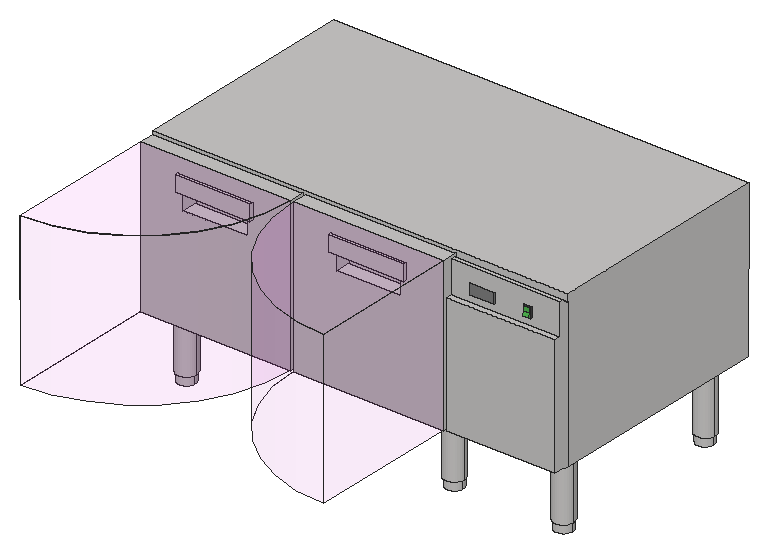
Revit family "QF_ELECTROLUXPROFESSIONAL_371291_E7TTCECOMIN", category Specialty Equipment, Revit 2018 (continued)
Lines and regions (mm)
  Split face 148
    outline origin (788.396, -348, 142.29) x (0, 0, -1) y (1, 0, 0)
      loop
        line (-85.004, -234.4) -> (-117.004, -234.4)
        arc (-117.004, -234.4) -> (-121.004, -238.41) -> (-116.984, -242.399) r 4
        line (-116.984, -242.399) -> (-85.025, -242.399)
  Split face 149
    outline origin (800.396, -348, 142.29) x (0, 0, -1) y (1, 0, 0)
      loop
        arc (-85.025, -242.399) -> (-81.004, -238.41) -> (-85.004, -234.4) r 4
        line (-85.004, -234.4) -> (-117.004, -234.4)
        arc (-117.004, -234.4) -> (-121.004, -238.41) -> (-116.984, -242.399) r 4
        line (-116.984, -242.399) -> (-85.025, -242.399)
  Split face 150
    outline origin (812.396, -348, 142.29) x (0, 0, -1) y (1, 0, 0)
      loop
        arc (-85.025, -242.399) -> (-81.004, -238.41) -> (-85.004, -234.4) r 4
        line (-85.004, -234.4) -> (-117.004, -234.4)
        arc (-117.004, -234.4) -> (-121.004, -238.41) -> (-116.984, -242.399) r 4
        line (-116.984, -242.399) -> (-85.025, -242.399)
  Split face 151
    outline origin (589.5, -348, 142.29) x (0, 0, -1) y (1, 0, 0)
      loop
        arc (-85.025, -282.599) -> (-81.004, -278.61) -> (-85.004, -274.599) r 4
        line (-85.004, -274.599) -> (-117.004, -274.599)
        arc (-117.004, -274.599) -> (-121.004, -278.61) -> (-116.984, -282.599) r 4
        line (-116.984, -282.599) -> (-85.025, -282.599)
  Split face 152
    outline origin (709.396, -348, 412.291) x (0, 0, -1) y (1, 0, 0)
      loop
        arc (-85.025, -282.599) -> (-81.004, -278.61) -> (-85.004, -274.599) r 4
        line (-85.004, -274.599) -> (-117.004, -274.599)
        arc (-117.004, -274.599) -> (-121.004, -278.61) -> (-116.984, -282.599) r 4
        line (-116.984, -282.599) -> (-85.025, -282.599)
  Split face 153
    outline origin (721.397, -348, 412.291) x (0, 0, -1) y (1, 0, 0)
      loop
        arc (-85.025, -282.599) -> (-81.004, -278.61) -> (-85.004, -274.599) r 4
        line (-85.004, -274.599) -> (-117.004, -274.599)
        arc (-117.004, -274.599) -> (-121.004, -278.61) -> (-116.984, -282.599) r 4
        line (-116.984, -282.599) -> (-85.025, -282.599)
  Split face 154
    outline origin (733.396, -348, 412.291) x (0, 0, -1) y (1, 0, 0)
      loop
        arc (-85.025, -282.599) -> (-81.004, -278.61) -> (-85.004, -274.599) r 4
        line (-85.004, -274.599) -> (-117.004, -274.599)
        arc (-117.004, -274.599) -> (-121.004, -278.61) -> (-116.984, -282.599) r 4
        line (-116.984, -282.599) -> (-85.025, -282.599)
  Split face 155
    outline origin (709.396, -348, 367.29) x (0, 0, -1) y (1, 0, 0)
      loop
        arc (-85.025, -282.599) -> (-81.004, -278.61) -> (-85.004, -274.599) r 4
        line (-85.004, -274.599) -> (-117.004, -274.599)
        arc (-117.004, -274.599) -> (-121.004, -278.61) -> (-116.984, -282.599) r 4
        line (-116.984, -282.599) -> (-85.025, -282.599)
  Split face 156
    outline origin (721.397, -348, 367.29) x (0, 0, -1) y (1, 0, 0)
      loop
        arc (-85.025, -282.599) -> (-81.004, -278.61) -> (-85.004, -274.599) r 4
        line (-85.004, -274.599) -> (-117.004, -274.599)
        arc (-117.004, -274.599) -> (-121.004, -278.61) -> (-116.984, -282.599) r 4
        line (-116.984, -282.599) -> (-85.025, -282.599)
  Split face 157
    outline origin (733.396, -348, 367.29) x (0, 0, -1) y (1, 0, 0)
      loop
        arc (-85.025, -282.599) -> (-81.004, -278.61) -> (-85.004, -274.599) r 4
        line (-85.004, -274.599) -> (-117.004, -274.599)
        arc (-117.004, -274.599) -> (-121.004, -278.61) -> (-116.984, -282.599) r 4
        line (-116.984, -282.599) -> (-85.025, -282.599)
  Split face 158
    outline origin (709.396, -348, 322.29) x (0, 0, -1) y (1, 0, 0)
      loop
        arc (-85.025, -282.599) -> (-81.004, -278.61) -> (-85.004, -274.599) r 4
        line (-85.004, -274.599) -> (-117.004, -274.599)
        arc (-117.004, -274.599) -> (-121.004, -278.61) -> (-116.984, -282.599) r 4
        line (-116.984, -282.599) -> (-85.025, -282.599)
  Split face 159
    outline origin (721.397, -348, 322.29) x (0, 0, -1) y (1, 0, 0)
      loop
        arc (-85.025, -282.599) -> (-81.004, -278.61) -> (-85.004, -274.599) r 4
        line (-85.004, -274.599) -> (-117.004, -274.599)
        arc (-117.004, -274.599) -> (-121.004, -278.61) -> (-116.984, -282.599) r 4
        line (-116.984, -282.599) -> (-85.025, -282.599)
  Split face 160
    outline origin (733.396, -348, 322.29) x (0, 0, -1) y (1, 0, 0)
      loop
        arc (-85.025, -282.599) -> (-81.004, -278.61) -> (-85.004, -274.599) r 4
        line (-85.004, -274.599) -> (-117.004, -274.599)
        arc (-117.004, -274.599) -> (-121.004, -278.61) -> (-116.984, -282.599) r 4
        line (-116.984, -282.599) -> (-85.025, -282.599)
  Split face 161
    outline origin (709.396, -348, 277.29) x (0, 0, -1) y (1, 0, 0)
      loop
        arc (-85.025, -282.599) -> (-81.004, -278.61) -> (-85.004, -274.599) r 4
        line (-85.004, -274.599) -> (-117.004, -274.599)
        arc (-117.004, -274.599) -> (-121.004, -278.61) -> (-116.984, -282.599) r 4
        line (-116.984, -282.599) -> (-85.025, -282.599)
  Split face 162
    outline origin (721.397, -348, 277.29) x (0, 0, -1) y (1, 0, 0)
      loop
        arc (-85.025, -282.599) -> (-81.004, -278.61) -> (-85.004, -274.599) r 4
        line (-85.004, -274.599) -> (-117.004, -274.599)
        arc (-117.004, -274.599) -> (-121.004, -278.61) -> (-116.984, -282.599) r 4
        line (-116.984, -282.599) -> (-85.025, -282.599)
  Split face 163
    outline origin (733.396, -348, 277.29) x (0, 0, -1) y (1, 0, 0)
      loop
        arc (-85.025, -282.599) -> (-81.004, -278.61) -> (-85.004, -274.599) r 4
        line (-85.004, -274.599) -> (-117.004, -274.599)
        arc (-117.004, -274.599) -> (-121.004, -278.61) -> (-116.984, -282.599) r 4
        line (-116.984, -282.599) -> (-85.025, -282.599)
  Split face 164
    outline origin (709.396, -348, 232.29) x (0, 0, -1) y (1, 0, 0)
      loop
        arc (-85.025, -282.599) -> (-81.004, -278.61) -> (-85.004, -274.599) r 4
        line (-85.004, -274.599) -> (-117.004, -274.599)
        arc (-117.004, -274.599) -> (-121.004, -278.61) -> (-116.984, -282.599) r 4
        line (-116.984, -282.599) -> (-85.025, -282.599)
  Split face 165
    outline origin (721.397, -348, 232.29) x (0, 0, -1) y (1, 0, 0)
      loop
        arc (-85.025, -282.599) -> (-81.004, -278.61) -> (-85.004, -274.599) r 4
        line (-85.004, -274.599) -> (-117.004, -274.599)
        arc (-117.004, -274.599) -> (-121.004, -278.61) -> (-116.984, -282.599) r 4
        line (-116.984, -282.599) -> (-85.025, -282.599)
  Split face 166
    outline origin (733.396, -348, 232.29) x (0, 0, -1) y (1, 0, 0)
      loop
        arc (-85.025, -282.599) -> (-81.004, -278.61) -> (-85.004, -274.599) r 4
        line (-85.004, -274.599) -> (-117.004, -274.599)
        arc (-117.004, -274.599) -> (-121.004, -278.61) -> (-116.984, -282.599) r 4
        line (-116.984, -282.599) -> (-85.025, -282.599)
  Split face 167
    outline origin (709.396, -348, 187.29) x (0, 0, -1) y (1, 0, 0)
      loop
        arc (-85.025, -282.599) -> (-81.004, -278.61) -> (-85.004, -274.599) r 4
        line (-85.004, -274.599) -> (-117.004, -274.599)
        arc (-117.004, -274.599) -> (-121.004, -278.61) -> (-116.984, -282.599) r 4
        line (-116.984, -282.599) -> (-85.025, -282.599)
  Split face 168
    outline origin (721.397, -348, 187.29) x (0, 0, -1) y (1, 0, 0)
      loop
        arc (-85.025, -282.599) -> (-81.004, -278.61) -> (-85.004, -274.599) r 4
        line (-85.004, -274.599) -> (-117.004, -274.599)
        arc (-117.004, -274.599) -> (-121.004, -278.61) -> (-116.984, -282.599) r 4
        line (-116.984, -282.599) -> (-85.025, -282.599)
  Split face 169
    outline origin (733.396, -348, 187.29) x (0, 0, -1) y (1, 0, 0)
      loop
        arc (-85.025, -282.599) -> (-81.004, -278.61) -> (-85.004, -274.599) r 4
        line (-85.004, -274.599) -> (-117.004, -274.599)
        arc (-117.004, -274.599) -> (-121.004, -278.61) -> (-116.984, -282.599) r 4
        line (-116.984, -282.599) -> (-85.025, -282.599)
  Split face 170
    outline origin (709.396, -348, 142.29) x (0, 0, -1) y (1, 0, 0)
      loop
        arc (-85.025, -282.599) -> (-81.004, -278.61) -> (-85.004, -274.599) r 4
        line (-85.004, -274.599) -> (-117.004, -274.599)
        arc (-117.004, -274.599) -> (-121.004, -278.61) -> (-116.984, -282.599) r 4
        line (-116.984, -282.599) -> (-85.025, -282.599)
  Split face 171
    outline origin (721.397, -348, 142.29) x (0, 0, -1) y (1, 0, 0)
      loop
        arc (-85.025, -282.599) -> (-81.004, -278.61) -> (-85.004, -274.599) r 4
        line (-85.004, -274.599) -> (-117.004, -274.599)
        arc (-117.004, -274.599) -> (-121.004, -278.61) -> (-116.984, -282.599) r 4
        line (-116.984, -282.599) -> (-85.025, -282.599)
  Split face 172
    outline origin (733.396, -348, 142.29) x (0, 0, -1) y (1, 0, 0)
      loop
        arc (-85.025, -282.599) -> (-81.004, -278.61) -> (-85.004, -274.599) r 4
        line (-85.004, -274.599) -> (-117.004, -274.599)
        arc (-117.004, -274.599) -> (-121.004, -278.61) -> (-116.984, -282.599) r 4
        line (-116.984, -282.599) -> (-85.025, -282.599)
  symbolic lines, style "SpecialityEquipmentHiddenLines"
    curve 1: line (-599, 350, 0) -> (599, 350, 0)
    curve 2: line (-599, -348, 0) -> (-599, 350, 0)
    curve 3: line (599, -348, 0) -> (-599, -348, 0)
    curve 4: line (599, 350, 0) -> (599, -348, 0)
    curve 5: line (-599, -303, 0) -> (599, -303, 0)
  symbolic lines, style "QF_Door-Drawer Clearances"
    curve 6: line (-599, -348, 0) -> (-599, -782.001, 0)
    curve 7: line (-559, -348, 0) -> (-559, -782.001, 0)
    curve 8: line (-559, -782.001, 0) -> (-599, -782.001, 0)
    curve 9: arc (-559, -782.001, 0) -> (-278.246, -641.035, 0) -> (-164.999, -348, 0) r 436.241
    curve 10: line (277.502, -348, 0) -> (277.502, -782.001, 0)
    curve 11: line (237.502, -348, 0) -> (237.502, -782.001, 0)
    curve 12: line (237.502, -782.001, 0) -> (277.502, -782.001, 0)
    curve 13: arc (237.502, -782.001, 0) -> (-43.252, -641.035, 0) -> (-156.499, -348, 0) r 436.241
Dimensions and locks
  plane 4 to level = 200 mm
  plane 5 "TOP" to level = 650 mm
  plane 5 "TOP" to plane 4 = 450 mm
  equal spacing: plane 8 "LEFT", plane 3 "Centro (Sinistra/Destra)", plane 9 "RIGHT"
  plane 8 "LEFT" to plane 9 "RIGHT" = 1200 mm
  equal spacing: plane 6 "BACK", plane 1 "Center X", plane 7 "FRONT"
  plane 6 "BACK" to plane 7 "FRONT" = 700 mm
  locked: plane 6 "BACK" to plane 10 at 653
  locked: plane 10 to plane 11 at 45
  locked: plane 8 "LEFT" to plane 12 at 55
  locked: plane 13 to plane 9 "RIGHT" at 55
  locked: plane 12 to plane 14 at 774
  locked: plane 6 "BACK" to plane 15 at 88
  locked: plane 16 to plane 11 at 99
  locked: plane 19 to plane 9 "RIGHT" at 1
  locked: plane 8 "LEFT" to plane 18 at 1
  plane 19 to plane 17 = 313 mm
  locked: plane 6 "BACK" to plane 20 at 160
  plane 21 to plane 9 "RIGHT" = 40 mm
  aligned and locked: level to plane 2
  aligned and locked: plane 12 to nested 1
  aligned and locked: nested 1 to plane 16
  aligned and locked: nested 2 to plane 15
  aligned and locked: plane 14 to nested 3
  aligned and locked: nested 4 to plane 14
  aligned and locked: plane 13 to nested 5
  aligned and locked: nested 6 to plane 13
  aligned and locked: Extrusion 1 sketch curve to plane 6 "BACK"
  aligned and locked: plane 10 to Extrusion 1 sketch curve
  aligned and locked: Extrusion 2 to plane 11
  aligned and locked: Extrusion 8 to plane 11
  aligned and locked: plane 19 to Extrusion 1
  aligned and locked: plane 4 to Extrusion 10
Automatic sketch dimensions
  Extrusion 10 sketch curve to plane 20 = 0 mm
  Extrusion 10 sketch curve to plane 21 = 0 mm
  curve 2 to plane 11 = 0 mm
  curve 2 to plane 18 = 0 mm
  curve 4 to plane 6 "BACK" = 0 mm
  curve 4 to plane 19 = 0 mm
  curve 5 to plane 10 = 0 mm
  plane 11 to curve 9 = 0.19 mm
  curve 9 to plane 8 "LEFT" = 1.24 mm
  curve 7 to plane 12 = 14 mm
  curve 12 to plane 17 = 48.498 mm
  curve 10 to plane 17 = 8.498 mm
  plane 11 to curve 13 = 0.19 mm
  curve 10 to curve 13 = 2.24 mm
  curve 11 to plane 7 "FRONT" = 432.001 mm
  curve 6 to plane 7 "FRONT" = 432.001 mm
  Extrusion 1 sketch curve to plane 19 = 0 mm
  Extrusion 1 sketch curve to plane 18 = 0 mm
  Extrusion 2 sketch curve to plane 18 = 0 mm
  plane 12 to Extrusion 2 sketch curve = 69.7 mm
  Extrusion 2 sketch curve to Extrusion 2 sketch curve = 186.601 mm
  Extrusion 2 sketch curve to plane 5 "TOP" = 9.006 mm
  Extrusion 2 sketch curve to Extrusion 2 sketch curve = 123.7 mm
  Extrusion 2 sketch curve to plane 5 "TOP" = 65 mm
  Extrusion 2 sketch curve to Extrusion 2 sketch curve = 78.294 mm
  plane 4 to Extrusion 2 sketch curve = 1.587 mm
  Extrusion 3 sketch curve to plane 11 = 0 mm
  Extrusion 3 sketch curve to plane 4 = 0 mm
  Extrusion 3 sketch curve to plane 10 = 0 mm
  plane 11 to Extrusion 3 sketch curve = 16.901 mm
  Extrusion 3 sketch curve to Extrusion 3 sketch curve = 11.336 mm
  plane 4 to Extrusion 3 sketch curve = 4.796 mm
  Extrusion 3 sketch curve to plane 10 = 15.163 mm
  Extrusion 3 sketch curve to plane 10 = 5.442 mm
  Extrusion 3 sketch curve to plane 5 "TOP" = 100.204 mm
  Extrusion 3 sketch curve to plane 5 "TOP" = 20.473 mm
  Extrusion 3 sketch curve to plane 5 "TOP" = 9.006 mm
  Extrusion 3 to Extrusion 4 sketch curve = 42.198 mm
  Extrusion 4 sketch curve to Extrusion 3 = 20 mm
  Extrusion 3 to Extrusion 4 sketch curve = 102.899 mm
  Extrusion 4 sketch curve to Extrusion 4 sketch curve = 22 mm
  Extrusion 3 to Extrusion 5 sketch curve = 42.198 mm
  Extrusion 5 sketch curve to Extrusion 3 = 20 mm
  Extrusion 3 to Extrusion 5 sketch curve = 54.901 mm
  Extrusion 5 sketch curve to Extrusion 5 sketch curve = 70 mm
  Split face 1 sketch curve to Extrusion 5 = 5 mm
  Split face 1 sketch curve to Extrusion 5 = 9 mm
  Split face 1 sketch curve to Extrusion 5 = 10 mm  (x2)
  Split face 2 sketch curve to Extrusion 5 = 12.5 mm
  Split face 2 sketch curve to Extrusion 5 = 7 mm
  Split face 3 sketch curve to Extrusion 5 = 7.5 mm
  Split face 3 sketch curve to Extrusion 5 = 7 mm
  Split face 4 sketch curve to Extrusion 5 = 11.5 mm
  Split face 4 sketch curve to Extrusion 5 = 7 mm
  Split face 5 sketch curve to Extrusion 5 = 7.5 mm
  Split face 5 sketch curve to Extrusion 5 = 7 mm
  Split face 6 sketch curve to Extrusion 5 = 12.5 mm
  Split face 6 sketch curve to Extrusion 5 = 7 mm
  Split face 7 sketch curve to Extrusion 5 = 11.5 mm
  Split face 7 sketch curve to Extrusion 5 = 7 mm
  Split face 8 sketch curve to Extrusion 5 = 7.047 mm
  Split face 8 sketch curve to Extrusion 5 = 2.047 mm
  Split face 8 sketch curve to Extrusion 5 = 10 mm
  Split face 8 sketch curve to Split face 8 sketch curve = 11 mm
  Split face 9 sketch curve to Extrusion 5 = 7.047 mm
  Split face 9 sketch curve to Extrusion 5 = 2.047 mm
  Split face 9 sketch curve to Extrusion 5 = 23 mm
  Split face 9 sketch curve to Split face 9 sketch curve = 11 mm
  Split face 10 sketch curve to Extrusion 5 = 7.047 mm
  Split face 10 sketch curve to Extrusion 5 = 2.047 mm
  Split face 10 sketch curve to Extrusion 5 = 34 mm
  Split face 10 sketch curve to Split face 10 sketch curve = 11 mm
  Split face 11 sketch curve to Extrusion 5 = 7.047 mm
  Split face 11 sketch curve to Extrusion 5 = 2.047 mm
  Split face 11 sketch curve to Extrusion 5 = 21 mm
  Split face 11 sketch curve to Extrusion 5 = 10 mm
  Extrusion 6 sketch curve to Extrusion 6 sketch curve = 0 mm  (x3)
  Extrusion 6 sketch curve to Extrusion 4 = 0 mm
  Extrusion 4 to Extrusion 6 sketch curve = 2.279 mm
  Extrusion 6 sketch curve to Extrusion 6 sketch curve = 0.116 mm
  Extrusion 6 sketch curve to Extrusion 6 sketch curve = 12.105 mm
  Extrusion 4 to Extrusion 6 sketch curve = 3.692 mm
  Extrusion 4 to Extrusion 6 sketch curve = 2.395 mm
  Split face 12 sketch curve to Extrusion 3 = 20.5 mm
  Split face 12 sketch curve to Split face 12 sketch curve = 0.02 mm  (x2)
  Split face 12 sketch curve to Split face 12 sketch curve = 31.959 mm
  Split face 12 sketch curve to Extrusion 3 = 32.901 mm
  Split face 12 sketch curve to Split face 12 sketch curve = 4 mm
  Split face 13 sketch curve to Extrusion 3 = 20.5 mm
  Split face 13 sketch curve to Split face 13 sketch curve = 0.02 mm  (x2)
  Split face 13 sketch curve to Split face 13 sketch curve = 31.959 mm
  Split face 13 sketch curve to Extrusion 3 = 44.9 mm
  Split face 13 sketch curve to Split face 13 sketch curve = 4 mm
  Split face 14 sketch curve to Extrusion 3 = 20.5 mm
  Split face 14 sketch curve to Split face 14 sketch curve = 0.02 mm  (x2)
  Split face 14 sketch curve to Split face 14 sketch curve = 31.959 mm
  Split face 14 sketch curve to Extrusion 3 = 56.9 mm
  Split face 14 sketch curve to Split face 14 sketch curve = 4 mm
  Split face 15 sketch curve to Extrusion 3 = 20.5 mm
  Split face 15 sketch curve to Split face 15 sketch curve = 0.02 mm  (x2)
  Split face 15 sketch curve to Split face 15 sketch curve = 31.959 mm
  Split face 15 sketch curve to Extrusion 3 = 68.797 mm
  Split face 15 sketch curve to Split face 15 sketch curve = 4 mm
  Split face 16 sketch curve to Extrusion 3 = 20.5 mm
  Split face 16 sketch curve to Split face 16 sketch curve = 0.02 mm  (x2)
  Split face 16 sketch curve to Split face 16 sketch curve = 31.959 mm
  Split face 16 sketch curve to Extrusion 3 = 80.797 mm
  Split face 16 sketch curve to Split face 16 sketch curve = 4 mm
  Split face 17 sketch curve to Extrusion 3 = 20.5 mm
  Split face 17 sketch curve to Split face 17 sketch curve = 0.02 mm  (x2)
  Split face 17 sketch curve to Split face 17 sketch curve = 31.959 mm
  Split face 17 sketch curve to Extrusion 3 = 92.797 mm
  Split face 17 sketch curve to Split face 17 sketch curve = 4 mm
  Split face 18 sketch curve to Extrusion 3 = 20.5 mm
  Split face 18 sketch curve to Split face 18 sketch curve = 0.02 mm  (x2)
  Split face 18 sketch curve to Split face 18 sketch curve = 31.959 mm
  Split face 18 sketch curve to Extrusion 3 = 104.797 mm
  Split face 18 sketch curve to Split face 18 sketch curve = 4 mm
  Split face 19 sketch curve to Extrusion 3 = 20.5 mm
  Split face 19 sketch curve to Split face 19 sketch curve = 0.02 mm  (x2)
  Split face 19 sketch curve to Split face 19 sketch curve = 31.959 mm
  Split face 19 sketch curve to Extrusion 3 = 116.797 mm
  Split face 19 sketch curve to Split face 19 sketch curve = 4 mm
  Split face 20 sketch curve to Extrusion 3 = 20.5 mm
  Split face 20 sketch curve to Split face 20 sketch curve = 0.02 mm  (x2)
  Split face 20 sketch curve to Split face 20 sketch curve = 31.959 mm
  Split face 20 sketch curve to Extrusion 3 = 128.797 mm
  Split face 20 sketch curve to Split face 20 sketch curve = 4 mm
  Split face 21 sketch curve to Extrusion 3 = 20.5 mm
  Split face 21 sketch curve to Split face 21 sketch curve = 0.02 mm  (x2)
  Split face 21 sketch curve to Split face 21 sketch curve = 31.959 mm
  Split face 21 sketch curve to Extrusion 3 = 137.003 mm
  Split face 21 sketch curve to Split face 21 sketch curve = 4 mm
  Split face 22 sketch curve to Extrusion 3 = 20.5 mm
  Split face 22 sketch curve to Split face 22 sketch curve = 0.02 mm  (x2)
  Split face 22 sketch curve to Split face 22 sketch curve = 31.959 mm
  Split face 22 sketch curve to Extrusion 3 = 125.004 mm
  Split face 22 sketch curve to Split face 22 sketch curve = 4 mm
  Split face 23 sketch curve to Extrusion 3 = 20.5 mm
  Split face 23 sketch curve to Split face 23 sketch curve = 0.02 mm  (x2)
  Split face 23 sketch curve to Split face 23 sketch curve = 31.959 mm
  Split face 23 sketch curve to Extrusion 3 = 113.003 mm
  Split face 23 sketch curve to Split face 23 sketch curve = 4 mm
  Split face 24 sketch curve to Extrusion 3 = 20.5 mm
  Split face 24 sketch curve to Split face 24 sketch curve = 0.02 mm  (x2)
  Split face 24 sketch curve to Split face 24 sketch curve = 31.959 mm
  Split face 24 sketch curve to Extrusion 3 = 101.003 mm
  Split face 24 sketch curve to Split face 24 sketch curve = 4 mm
  Split face 25 sketch curve to Extrusion 3 = 20.5 mm
  Split face 25 sketch curve to Split face 25 sketch curve = 0.02 mm  (x2)
  Split face 25 sketch curve to Split face 25 sketch curve = 31.959 mm
  Split face 25 sketch curve to Extrusion 3 = 89.003 mm
  Split face 25 sketch curve to Split face 25 sketch curve = 4 mm
  Split face 26 sketch curve to Extrusion 3 = 20.5 mm
  Split face 26 sketch curve to Split face 26 sketch curve = 0.02 mm  (x2)
  Split face 26 sketch curve to Split face 26 sketch curve = 31.959 mm
  Split face 26 sketch curve to Extrusion 3 = 77.004 mm
  Split face 26 sketch curve to Split face 26 sketch curve = 4 mm
  Split face 27 sketch curve to Extrusion 3 = 20.5 mm
  Split face 27 sketch curve to Split face 27 sketch curve = 0.02 mm  (x2)
  Split face 27 sketch curve to Split face 27 sketch curve = 31.959 mm
  Split face 27 sketch curve to Extrusion 3 = 65.003 mm
  Split face 27 sketch curve to Split face 27 sketch curve = 4 mm
  Split face 28 sketch curve to Extrusion 3 = 20.5 mm
  Split face 28 sketch curve to Split face 28 sketch curve = 0.02 mm  (x2)
  Split face 28 sketch curve to Split face 28 sketch curve = 31.959 mm
  Split face 28 sketch curve to Extrusion 3 = 53.004 mm
  Split face 28 sketch curve to Split face 28 sketch curve = 4 mm
  Split face 29 sketch curve to Extrusion 3 = 20.5 mm
  Split face 29 sketch curve to Split face 29 sketch curve = 0.02 mm  (x2)
  Split face 29 sketch curve to Split face 29 sketch curve = 31.959 mm
  Split face 29 sketch curve to Extrusion 3 = 41.004 mm
  Split face 29 sketch curve to Split face 29 sketch curve = 4 mm
  Split face 30 sketch curve to Extrusion 3 = 20.5 mm
  Split face 30 sketch curve to Split face 30 sketch curve = 0.02 mm  (x2)
  Split face 30 sketch curve to Split face 30 sketch curve = 31.959 mm
  Split face 30 sketch curve to Extrusion 3 = 29.004 mm
  Split face 30 sketch curve to Split face 30 sketch curve = 4 mm
  Split face 31 sketch curve to Extrusion 3 = 20.5 mm
  Split face 31 sketch curve to Split face 31 sketch curve = 0.02 mm  (x2)
  Split face 31 sketch curve to Split face 31 sketch curve = 31.959 mm
  Split face 31 sketch curve to Extrusion 3 = 20.901 mm
  Split face 31 sketch curve to Split face 31 sketch curve = 4 mm
  Split face 32 sketch curve to Extrusion 3 = 65.502 mm
  Split face 32 sketch curve to Split face 32 sketch curve = 0.02 mm  (x2)
  Split face 32 sketch curve to Split face 32 sketch curve = 31.959 mm
  Split face 32 sketch curve to Extrusion 3 = 32.901 mm
  Split face 32 sketch curve to Split face 32 sketch curve = 4 mm
  Split face 33 sketch curve to Extrusion 3 = 65.502 mm
  Split face 33 sketch curve to Split face 33 sketch curve = 0.02 mm  (x2)
  Split face 33 sketch curve to Split face 33 sketch curve = 31.959 mm
  Split face 33 sketch curve to Extrusion 3 = 44.9 mm
  Split face 33 sketch curve to Split face 33 sketch curve = 4 mm
  Split face 34 sketch curve to Extrusion 3 = 65.502 mm
  Split face 34 sketch curve to Split face 34 sketch curve = 0.02 mm  (x2)
  Split face 34 sketch curve to Split face 34 sketch curve = 31.959 mm
  Split face 34 sketch curve to Extrusion 3 = 56.9 mm
  Split face 34 sketch curve to Split face 34 sketch curve = 4 mm
  Split face 35 sketch curve to Extrusion 3 = 65.502 mm
  Split face 35 sketch curve to Split face 35 sketch curve = 0.02 mm  (x2)
  Split face 35 sketch curve to Split face 35 sketch curve = 31.959 mm
  Split face 35 sketch curve to Extrusion 3 = 68.797 mm
  Split face 35 sketch curve to Split face 35 sketch curve = 4 mm
  Split face 36 sketch curve to Extrusion 3 = 65.502 mm
  Split face 36 sketch curve to Split face 36 sketch curve = 0.02 mm  (x2)
  Split face 36 sketch curve to Split face 36 sketch curve = 31.959 mm
  Split face 36 sketch curve to Extrusion 3 = 80.797 mm
  Split face 36 sketch curve to Split face 36 sketch curve = 4 mm
  Split face 37 sketch curve to Extrusion 3 = 65.502 mm
  Split face 37 sketch curve to Split face 37 sketch curve = 0.02 mm  (x2)
  Split face 37 sketch curve to Split face 37 sketch curve = 31.959 mm
  Split face 37 sketch curve to Extrusion 3 = 92.797 mm
  Split face 37 sketch curve to Split face 37 sketch curve = 4 mm
  Split face 38 sketch curve to Extrusion 3 = 65.502 mm
  Split face 38 sketch curve to Split face 38 sketch curve = 0.02 mm  (x2)
  Split face 38 sketch curve to Split face 38 sketch curve = 31.959 mm
  Split face 38 sketch curve to Extrusion 3 = 104.797 mm
  Split face 38 sketch curve to Split face 38 sketch curve = 4 mm
  Split face 39 sketch curve to Extrusion 3 = 65.502 mm
  Split face 39 sketch curve to Split face 39 sketch curve = 0.02 mm  (x2)
  Split face 39 sketch curve to Split face 39 sketch curve = 31.959 mm
  Split face 39 sketch curve to Extrusion 3 = 116.797 mm
  Split face 39 sketch curve to Split face 39 sketch curve = 4 mm
  Split face 40 sketch curve to Extrusion 3 = 65.502 mm
  Split face 40 sketch curve to Split face 40 sketch curve = 0.02 mm  (x2)
  Split face 40 sketch curve to Split face 40 sketch curve = 31.959 mm
  Split face 40 sketch curve to Extrusion 3 = 128.797 mm
  Split face 40 sketch curve to Split face 40 sketch curve = 4 mm
  Split face 41 sketch curve to Extrusion 3 = 65.502 mm
  Split face 41 sketch curve to Split face 41 sketch curve = 0.02 mm  (x2)
  Split face 41 sketch curve to Split face 41 sketch curve = 31.959 mm
  Split face 41 sketch curve to Extrusion 3 = 137.003 mm
  Split face 41 sketch curve to Split face 41 sketch curve = 4 mm
  Split face 42 sketch curve to Extrusion 3 = 65.502 mm
  Split face 42 sketch curve to Split face 42 sketch curve = 0.02 mm  (x2)
  Split face 42 sketch curve to Split face 42 sketch curve = 31.959 mm
  Split face 42 sketch curve to Extrusion 3 = 125.004 mm
  Split face 42 sketch curve to Split face 42 sketch curve = 4 mm
  Split face 43 sketch curve to Extrusion 3 = 65.502 mm
  Split face 43 sketch curve to Split face 43 sketch curve = 0.02 mm  (x2)
  Split face 43 sketch curve to Split face 43 sketch curve = 31.959 mm
  Split face 43 sketch curve to Extrusion 3 = 113.003 mm
  Split face 43 sketch curve to Split face 43 sketch curve = 4 mm
  Split face 44 sketch curve to Extrusion 3 = 65.502 mm
  Split face 44 sketch curve to Split face 44 sketch curve = 0.02 mm  (x2)
  Split face 44 sketch curve to Split face 44 sketch curve = 31.959 mm
  Split face 44 sketch curve to Extrusion 3 = 101.003 mm
  Split face 44 sketch curve to Split face 44 sketch curve = 4 mm
  Split face 45 sketch curve to Extrusion 3 = 65.502 mm
  Split face 45 sketch curve to Split face 45 sketch curve = 0.02 mm  (x2)
  Split face 45 sketch curve to Split face 45 sketch curve = 31.959 mm
  Split face 45 sketch curve to Extrusion 3 = 89.003 mm
  Split face 45 sketch curve to Split face 45 sketch curve = 4 mm
  Split face 46 sketch curve to Extrusion 3 = 65.502 mm
  Split face 46 sketch curve to Split face 46 sketch curve = 0.02 mm  (x2)
  Split face 46 sketch curve to Split face 46 sketch curve = 31.959 mm
  Split face 46 sketch curve to Extrusion 3 = 77.004 mm
  Split face 46 sketch curve to Split face 46 sketch curve = 4 mm
  Split face 47 sketch curve to Extrusion 3 = 65.502 mm
  Split face 47 sketch curve to Split face 47 sketch curve = 0.02 mm  (x2)
  Split face 47 sketch curve to Split face 47 sketch curve = 31.959 mm
  Split face 47 sketch curve to Extrusion 3 = 65.003 mm
  Split face 47 sketch curve to Split face 47 sketch curve = 4 mm
  Split face 48 sketch curve to Extrusion 3 = 65.502 mm
  Split face 48 sketch curve to Split face 48 sketch curve = 0.02 mm  (x2)
  Split face 48 sketch curve to Split face 48 sketch curve = 31.959 mm
  Split face 48 sketch curve to Extrusion 3 = 53.004 mm
  Split face 48 sketch curve to Split face 48 sketch curve = 4 mm
  Split face 49 sketch curve to Extrusion 3 = 65.502 mm
  Split face 49 sketch curve to Split face 49 sketch curve = 0.02 mm  (x2)
  Split face 49 sketch curve to Split face 49 sketch curve = 31.959 mm
  Split face 49 sketch curve to Extrusion 3 = 41.004 mm
  Split face 49 sketch curve to Split face 49 sketch curve = 4 mm
  Split face 50 sketch curve to Extrusion 3 = 25.004 mm
  Split face 50 sketch curve to Extrusion 3 = 65.502 mm
  Split face 50 sketch curve to Split face 50 sketch curve = 0.02 mm  (x2)
  Split face 50 sketch curve to Split face 50 sketch curve = 31.959 mm
  Split face 50 sketch curve to Split face 50 sketch curve = 4 mm
  Split face 51 sketch curve to Extrusion 3 = 24.901 mm
  Split face 51 sketch curve to Extrusion 3 = 65.502 mm
  Split face 51 sketch curve to Split face 51 sketch curve = 0.02 mm  (x2)
  Split face 51 sketch curve to Split face 51 sketch curve = 31.959 mm
  Split face 51 sketch curve to Split face 51 sketch curve = 4 mm
  Split face 52 sketch curve to Extrusion 3 = 36.901 mm
  Split face 52 sketch curve to Extrusion 3 = 110.502 mm
  Split face 52 sketch curve to Split face 52 sketch curve = 0.02 mm  (x2)
  Split face 52 sketch curve to Split face 52 sketch curve = 31.959 mm
  Split face 52 sketch curve to Split face 52 sketch curve = 4 mm
  Split face 53 sketch curve to Extrusion 3 = 48.9 mm
  Split face 53 sketch curve to Extrusion 3 = 110.502 mm
  Split face 53 sketch curve to Split face 53 sketch curve = 0.02 mm  (x2)
  Split face 53 sketch curve to Split face 53 sketch curve = 31.959 mm
  Split face 53 sketch curve to Split face 53 sketch curve = 4 mm
  Split face 54 sketch curve to Extrusion 3 = 110.502 mm
  Split face 54 sketch curve to Split face 54 sketch curve = 0.02 mm  (x2)
  Split face 54 sketch curve to Split face 54 sketch curve = 31.959 mm
  Split face 54 sketch curve to Extrusion 3 = 56.9 mm
  Split face 54 sketch curve to Split face 54 sketch curve = 4 mm
  Split face 55 sketch curve to Extrusion 3 = 110.502 mm
  Split face 55 sketch curve to Split face 55 sketch curve = 0.02 mm  (x2)
  Split face 55 sketch curve to Split face 55 sketch curve = 31.959 mm
  Split face 55 sketch curve to Extrusion 3 = 68.797 mm
  Split face 55 sketch curve to Split face 55 sketch curve = 4 mm
  Split face 56 sketch curve to Extrusion 3 = 110.502 mm
  Split face 56 sketch curve to Split face 56 sketch curve = 0.02 mm  (x2)
  Split face 56 sketch curve to Split face 56 sketch curve = 31.959 mm
  Split face 56 sketch curve to Extrusion 3 = 80.797 mm
  Split face 56 sketch curve to Split face 56 sketch curve = 4 mm
  Split face 57 sketch curve to Extrusion 3 = 110.502 mm
  Split face 57 sketch curve to Split face 57 sketch curve = 0.02 mm  (x2)
  Split face 57 sketch curve to Split face 57 sketch curve = 31.959 mm
  Split face 57 sketch curve to Extrusion 3 = 92.797 mm
  Split face 57 sketch curve to Split face 57 sketch curve = 4 mm
  Split face 58 sketch curve to Extrusion 3 = 110.502 mm
  Split face 58 sketch curve to Split face 58 sketch curve = 0.02 mm  (x2)
  Split face 58 sketch curve to Split face 58 sketch curve = 31.959 mm
  Split face 58 sketch curve to Extrusion 3 = 104.797 mm
  Split face 58 sketch curve to Split face 58 sketch curve = 4 mm
  Split face 59 sketch curve to Extrusion 3 = 110.502 mm
  Split face 59 sketch curve to Split face 59 sketch curve = 0.02 mm  (x2)
  Split face 59 sketch curve to Split face 59 sketch curve = 31.959 mm
  Split face 59 sketch curve to Extrusion 3 = 116.797 mm
  Split face 59 sketch curve to Split face 59 sketch curve = 4 mm
  Split face 60 sketch curve to Extrusion 3 = 110.502 mm
  Split face 60 sketch curve to Split face 60 sketch curve = 0.02 mm  (x2)
  Split face 60 sketch curve to Split face 60 sketch curve = 31.959 mm
  Split face 60 sketch curve to Extrusion 3 = 128.797 mm
  Split face 60 sketch curve to Split face 60 sketch curve = 4 mm
  Split face 61 sketch curve to Extrusion 3 = 110.502 mm
  Split face 61 sketch curve to Split face 61 sketch curve = 0.02 mm  (x2)
  Split face 61 sketch curve to Split face 61 sketch curve = 31.959 mm
  Split face 61 sketch curve to Extrusion 3 = 137.003 mm
  Split face 61 sketch curve to Split face 61 sketch curve = 4 mm
  Split face 62 sketch curve to Extrusion 3 = 110.502 mm
  Split face 62 sketch curve to Split face 62 sketch curve = 0.02 mm  (x2)
  Split face 62 sketch curve to Split face 62 sketch curve = 31.959 mm
  Split face 62 sketch curve to Extrusion 3 = 125.004 mm
  Split face 62 sketch curve to Split face 62 sketch curve = 4 mm
  Split face 63 sketch curve to Extrusion 3 = 110.502 mm
  Split face 63 sketch curve to Split face 63 sketch curve = 0.02 mm  (x2)
  Split face 63 sketch curve to Split face 63 sketch curve = 31.959 mm
  Split face 63 sketch curve to Extrusion 3 = 113.003 mm
  Split face 63 sketch curve to Split face 63 sketch curve = 4 mm
  Split face 64 sketch curve to Extrusion 3 = 110.502 mm
  Split face 64 sketch curve to Split face 64 sketch curve = 0.02 mm  (x2)
  Split face 64 sketch curve to Split face 64 sketch curve = 31.959 mm
  Split face 64 sketch curve to Extrusion 3 = 101.003 mm
  Split face 64 sketch curve to Split face 64 sketch curve = 4 mm
  Split face 65 sketch curve to Extrusion 3 = 110.502 mm
  Split face 65 sketch curve to Split face 65 sketch curve = 0.02 mm  (x2)
  Split face 65 sketch curve to Split face 65 sketch curve = 31.959 mm
  Split face 65 sketch curve to Extrusion 3 = 89.003 mm
  Split face 65 sketch curve to Split face 65 sketch curve = 4 mm
  Split face 66 sketch curve to Extrusion 3 = 110.502 mm
  Split face 66 sketch curve to Split face 66 sketch curve = 0.02 mm  (x2)
  Split face 66 sketch curve to Split face 66 sketch curve = 31.959 mm
  Split face 66 sketch curve to Extrusion 3 = 77.004 mm
  Split face 66 sketch curve to Split face 66 sketch curve = 4 mm
  Split face 67 sketch curve to Extrusion 3 = 110.502 mm
  Split face 67 sketch curve to Split face 67 sketch curve = 0.02 mm  (x2)
  Split face 67 sketch curve to Split face 67 sketch curve = 31.959 mm
  Split face 67 sketch curve to Extrusion 3 = 65.003 mm
  Split face 67 sketch curve to Split face 67 sketch curve = 4 mm
  Split face 68 sketch curve to Extrusion 3 = 49.004 mm
  Split face 68 sketch curve to Extrusion 3 = 110.502 mm
  Split face 68 sketch curve to Split face 68 sketch curve = 0.02 mm  (x2)
  Split face 68 sketch curve to Split face 68 sketch curve = 31.959 mm
  Split face 68 sketch curve to Split face 68 sketch curve = 4 mm
  Split face 69 sketch curve to Extrusion 3 = 37.004 mm
  Split face 69 sketch curve to Extrusion 3 = 110.502 mm
  Split face 69 sketch curve to Split face 69 sketch curve = 0.02 mm  (x2)
  Split face 69 sketch curve to Split face 69 sketch curve = 31.959 mm
  Split face 69 sketch curve to Split face 69 sketch curve = 4 mm
  Split face 70 sketch curve to Extrusion 3 = 25.004 mm
  Split face 70 sketch curve to Extrusion 3 = 110.502 mm
  Split face 70 sketch curve to Split face 70 sketch curve = 0.02 mm  (x2)
  Split face 70 sketch curve to Split face 70 sketch curve = 31.959 mm
  Split face 70 sketch curve to Split face 70 sketch curve = 4 mm
  Split face 71 sketch curve to Extrusion 3 = 24.901 mm
  Split face 71 sketch curve to Extrusion 3 = 110.502 mm
  Split face 71 sketch curve to Split face 71 sketch curve = 0.02 mm  (x2)
  Split face 71 sketch curve to Split face 71 sketch curve = 31.959 mm
  Split face 71 sketch curve to Split face 71 sketch curve = 4 mm
  Split face 72 sketch curve to Extrusion 3 = 36.901 mm
  Split face 72 sketch curve to Extrusion 3 = 155.502 mm
  Split face 72 sketch curve to Split face 72 sketch curve = 0.02 mm  (x2)
  Split face 72 sketch curve to Split face 72 sketch curve = 31.959 mm
  Split face 72 sketch curve to Split face 72 sketch curve = 4 mm
  Split face 73 sketch curve to Extrusion 3 = 48.9 mm
  Split face 73 sketch curve to Extrusion 3 = 155.502 mm
  Split face 73 sketch curve to Split face 73 sketch curve = 0.02 mm  (x2)
  Split face 73 sketch curve to Split face 73 sketch curve = 31.959 mm
  Split face 73 sketch curve to Split face 73 sketch curve = 4 mm
  Split face 74 sketch curve to Extrusion 3 = 60.9 mm
  Split face 74 sketch curve to Extrusion 3 = 155.502 mm
  Split face 74 sketch curve to Split face 74 sketch curve = 0.02 mm  (x2)
  Split face 74 sketch curve to Split face 74 sketch curve = 31.959 mm
  Split face 74 sketch curve to Split face 74 sketch curve = 4 mm
  Split face 75 sketch curve to Extrusion 3 = 72.797 mm
  Split face 75 sketch curve to Extrusion 3 = 155.502 mm
  Split face 75 sketch curve to Split face 75 sketch curve = 0.02 mm  (x2)
  Split face 75 sketch curve to Split face 75 sketch curve = 31.959 mm
  Split face 75 sketch curve to Split face 75 sketch curve = 4 mm
  Split face 76 sketch curve to Extrusion 3 = 155.502 mm
  Split face 76 sketch curve to Split face 76 sketch curve = 0.02 mm  (x2)
  Split face 76 sketch curve to Split face 76 sketch curve = 31.959 mm
  Split face 76 sketch curve to Extrusion 3 = 80.797 mm
  Split face 76 sketch curve to Split face 76 sketch curve = 4 mm
  Split face 77 sketch curve to Extrusion 3 = 155.502 mm
  Split face 77 sketch curve to Split face 77 sketch curve = 0.02 mm  (x2)
  Split face 77 sketch curve to Split face 77 sketch curve = 31.959 mm
  Split face 77 sketch curve to Extrusion 3 = 92.797 mm
  Split face 77 sketch curve to Split face 77 sketch curve = 4 mm
  Split face 78 sketch curve to Extrusion 3 = 155.502 mm
  Split face 78 sketch curve to Split face 78 sketch curve = 0.02 mm  (x2)
  Split face 78 sketch curve to Split face 78 sketch curve = 31.959 mm
  Split face 78 sketch curve to Extrusion 3 = 104.797 mm
  Split face 78 sketch curve to Split face 78 sketch curve = 4 mm
  Split face 79 sketch curve to Extrusion 3 = 155.502 mm
  Split face 79 sketch curve to Split face 79 sketch curve = 0.02 mm  (x2)
  Split face 79 sketch curve to Split face 79 sketch curve = 31.959 mm
  Split face 79 sketch curve to Extrusion 3 = 116.797 mm
  Split face 79 sketch curve to Split face 79 sketch curve = 4 mm
  Split face 80 sketch curve to Extrusion 3 = 155.502 mm
  Split face 80 sketch curve to Split face 80 sketch curve = 0.02 mm  (x2)
  Split face 80 sketch curve to Split face 80 sketch curve = 31.959 mm
  Split face 80 sketch curve to Extrusion 3 = 128.797 mm
  Split face 80 sketch curve to Split face 80 sketch curve = 4 mm
  Split face 81 sketch curve to Extrusion 3 = 155.502 mm
  Split face 81 sketch curve to Split face 81 sketch curve = 0.02 mm  (x2)
  Split face 81 sketch curve to Split face 81 sketch curve = 31.959 mm
  Split face 81 sketch curve to Extrusion 3 = 137.003 mm
  Split face 81 sketch curve to Split face 81 sketch curve = 4 mm
  Split face 82 sketch curve to Extrusion 3 = 155.502 mm
  Split face 82 sketch curve to Split face 82 sketch curve = 0.02 mm  (x2)
  Split face 82 sketch curve to Split face 82 sketch curve = 31.959 mm
  Split face 82 sketch curve to Extrusion 3 = 125.004 mm
  Split face 82 sketch curve to Split face 82 sketch curve = 4 mm
  Split face 83 sketch curve to Extrusion 3 = 155.502 mm
  Split face 83 sketch curve to Split face 83 sketch curve = 0.02 mm  (x2)
  Split face 83 sketch curve to Split face 83 sketch curve = 31.959 mm
  Split face 83 sketch curve to Extrusion 3 = 113.003 mm
  Split face 83 sketch curve to Split face 83 sketch curve = 4 mm
  Split face 84 sketch curve to Extrusion 3 = 155.502 mm
  Split face 84 sketch curve to Split face 84 sketch curve = 0.02 mm  (x2)
  Split face 84 sketch curve to Split face 84 sketch curve = 31.959 mm
  Split face 84 sketch curve to Extrusion 3 = 101.003 mm
  Split face 84 sketch curve to Split face 84 sketch curve = 4 mm
  Split face 85 sketch curve to Extrusion 3 = 155.502 mm
  Split face 85 sketch curve to Split face 85 sketch curve = 0.02 mm  (x2)
  Split face 85 sketch curve to Split face 85 sketch curve = 31.959 mm
  Split face 85 sketch curve to Extrusion 3 = 89.003 mm
  Split face 85 sketch curve to Split face 85 sketch curve = 4 mm
  Split face 86 sketch curve to Extrusion 3 = 73.004 mm
  Split face 86 sketch curve to Extrusion 3 = 155.502 mm
  Split face 86 sketch curve to Split face 86 sketch curve = 0.02 mm  (x2)
  Split face 86 sketch curve to Split face 86 sketch curve = 31.959 mm
  Split face 86 sketch curve to Split face 86 sketch curve = 4 mm
  Split face 87 sketch curve to Extrusion 3 = 61.003 mm
  Split face 87 sketch curve to Extrusion 3 = 155.502 mm
  Split face 87 sketch curve to Split face 87 sketch curve = 0.02 mm  (x2)
  Split face 87 sketch curve to Split face 87 sketch curve = 31.959 mm
  Split face 87 sketch curve to Split face 87 sketch curve = 4 mm
  Split face 88 sketch curve to Extrusion 3 = 49.004 mm
  Split face 88 sketch curve to Extrusion 3 = 155.502 mm
  Split face 88 sketch curve to Split face 88 sketch curve = 0.02 mm  (x2)
  Split face 88 sketch curve to Split face 88 sketch curve = 31.959 mm
  Split face 88 sketch curve to Split face 88 sketch curve = 4 mm
  Split face 89 sketch curve to Extrusion 3 = 37.004 mm
  Split face 89 sketch curve to Extrusion 3 = 155.502 mm
  Split face 89 sketch curve to Split face 89 sketch curve = 0.02 mm  (x2)
  Split face 89 sketch curve to Split face 89 sketch curve = 31.959 mm
  Split face 89 sketch curve to Split face 89 sketch curve = 4 mm
  Split face 90 sketch curve to Extrusion 3 = 25.004 mm
  Split face 90 sketch curve to Extrusion 3 = 155.502 mm
  Split face 90 sketch curve to Split face 90 sketch curve = 0.02 mm  (x2)
  Split face 90 sketch curve to Split face 90 sketch curve = 31.959 mm
  Split face 90 sketch curve to Split face 90 sketch curve = 4 mm
  Split face 91 sketch curve to Extrusion 3 = 24.901 mm
  Split face 91 sketch curve to Extrusion 3 = 155.502 mm
  Split face 91 sketch curve to Split face 91 sketch curve = 0.02 mm  (x2)
  Split face 91 sketch curve to Split face 91 sketch curve = 31.959 mm
  Split face 91 sketch curve to Split face 91 sketch curve = 4 mm
  Split face 92 sketch curve to Extrusion 3 = 36.901 mm
  Split face 92 sketch curve to Extrusion 3 = 144.498 mm
  Split face 92 sketch curve to Split face 92 sketch curve = 0.02 mm  (x2)
  Split face 92 sketch curve to Split face 92 sketch curve = 31.959 mm
  Split face 92 sketch curve to Split face 92 sketch curve = 4 mm
  Split face 93 sketch curve to Extrusion 3 = 48.9 mm
  Split face 93 sketch curve to Extrusion 3 = 144.498 mm
  Split face 93 sketch curve to Split face 93 sketch curve = 0.02 mm  (x2)
  Split face 93 sketch curve to Split face 93 sketch curve = 31.959 mm
  Split face 93 sketch curve to Split face 93 sketch curve = 4 mm
  Split face 94 sketch curve to Extrusion 3 = 60.9 mm
  Split face 94 sketch curve to Extrusion 3 = 144.498 mm
  Split face 94 sketch curve to Split face 94 sketch curve = 0.02 mm  (x2)
  Split face 94 sketch curve to Split face 94 sketch curve = 31.959 mm
  Split face 94 sketch curve to Split face 94 sketch curve = 4 mm
  Split face 95 sketch curve to Extrusion 3 = 144.498 mm
  Split face 95 sketch curve to Split face 95 sketch curve = 0.02 mm  (x2)
  Split face 95 sketch curve to Split face 95 sketch curve = 31.959 mm
  Split face 95 sketch curve to Extrusion 3 = 68.797 mm
  Split face 95 sketch curve to Split face 95 sketch curve = 4 mm
  Split face 96 sketch curve to Extrusion 3 = 144.498 mm
  Split face 96 sketch curve to Split face 96 sketch curve = 0.02 mm  (x2)
  Split face 96 sketch curve to Split face 96 sketch curve = 31.959 mm
  Split face 96 sketch curve to Extrusion 3 = 80.797 mm
  Split face 96 sketch curve to Split face 96 sketch curve = 4 mm
  Split face 97 sketch curve to Extrusion 3 = 144.498 mm
  Split face 97 sketch curve to Split face 97 sketch curve = 0.02 mm  (x2)
  Split face 97 sketch curve to Split face 97 sketch curve = 31.959 mm
  Split face 97 sketch curve to Extrusion 3 = 92.797 mm
  Split face 97 sketch curve to Split face 97 sketch curve = 4 mm
  Split face 98 sketch curve to Extrusion 3 = 144.498 mm
  Split face 98 sketch curve to Split face 98 sketch curve = 0.02 mm  (x2)
  Split face 98 sketch curve to Split face 98 sketch curve = 31.959 mm
  Split face 98 sketch curve to Extrusion 3 = 104.797 mm
  Split face 98 sketch curve to Split face 98 sketch curve = 4 mm
  Split face 99 sketch curve to Extrusion 3 = 144.498 mm
  Split face 99 sketch curve to Split face 99 sketch curve = 0.02 mm  (x2)
  Split face 99 sketch curve to Split face 99 sketch curve = 31.959 mm
  Split face 99 sketch curve to Extrusion 3 = 116.797 mm
  Split face 99 sketch curve to Split face 99 sketch curve = 4 mm
  Split face 100 sketch curve to Extrusion 3 = 144.498 mm
  Split face 100 sketch curve to Split face 100 sketch curve = 0.02 mm  (x2)
  Split face 100 sketch curve to Split face 100 sketch curve = 31.959 mm
  Split face 100 sketch curve to Extrusion 3 = 128.797 mm
  Split face 100 sketch curve to Split face 100 sketch curve = 4 mm
  Split face 101 sketch curve to Extrusion 3 = 144.498 mm
  Split face 101 sketch curve to Split face 101 sketch curve = 0.02 mm  (x2)
  Split face 101 sketch curve to Split face 101 sketch curve = 31.959 mm
  Split face 101 sketch curve to Extrusion 3 = 137.003 mm
  Split face 101 sketch curve to Split face 101 sketch curve = 4 mm
  Split face 102 sketch curve to Extrusion 3 = 144.498 mm
  Split face 102 sketch curve to Split face 102 sketch curve = 0.02 mm  (x2)
  Split face 102 sketch curve to Split face 102 sketch curve = 31.959 mm
  Split face 102 sketch curve to Extrusion 3 = 125.004 mm
  Split face 102 sketch curve to Split face 102 sketch curve = 4 mm
  Split face 103 sketch curve to Extrusion 3 = 144.498 mm
  Split face 103 sketch curve to Split face 103 sketch curve = 0.02 mm  (x2)
  Split face 103 sketch curve to Split face 103 sketch curve = 31.959 mm
  Split face 103 sketch curve to Extrusion 3 = 113.003 mm
  Split face 103 sketch curve to Split face 103 sketch curve = 4 mm
  Split face 104 sketch curve to Extrusion 3 = 144.498 mm
  Split face 104 sketch curve to Split face 104 sketch curve = 0.02 mm  (x2)
  Split face 104 sketch curve to Split face 104 sketch curve = 31.959 mm
  Split face 104 sketch curve to Extrusion 3 = 101.003 mm
  Split face 104 sketch curve to Split face 104 sketch curve = 4 mm
  Split face 105 sketch curve to Extrusion 3 = 144.498 mm
  Split face 105 sketch curve to Split face 105 sketch curve = 0.02 mm  (x2)
  Split face 105 sketch curve to Split face 105 sketch curve = 31.959 mm
  Split face 105 sketch curve to Extrusion 3 = 89.003 mm
  Split face 105 sketch curve to Split face 105 sketch curve = 4 mm
  Split face 106 sketch curve to Extrusion 3 = 144.498 mm
  Split face 106 sketch curve to Split face 106 sketch curve = 0.02 mm  (x2)
  Split face 106 sketch curve to Split face 106 sketch curve = 31.959 mm
  Split face 106 sketch curve to Extrusion 3 = 77.004 mm
  Split face 106 sketch curve to Split face 106 sketch curve = 4 mm
  Split face 107 sketch curve to Extrusion 3 = 61.003 mm
  Split face 107 sketch curve to Extrusion 3 = 144.498 mm
  Split face 107 sketch curve to Split face 107 sketch curve = 0.02 mm  (x2)
  Split face 107 sketch curve to Split face 107 sketch curve = 31.959 mm
  Split face 107 sketch curve to Split face 107 sketch curve = 4 mm
  Split face 108 sketch curve to Extrusion 3 = 49.004 mm
  Split face 108 sketch curve to Extrusion 3 = 144.498 mm
  Split face 108 sketch curve to Split face 108 sketch curve = 0.02 mm  (x2)
  Split face 108 sketch curve to Split face 108 sketch curve = 31.959 mm
  Split face 108 sketch curve to Split face 108 sketch curve = 4 mm
  Split face 109 sketch curve to Extrusion 3 = 37.004 mm
  Split face 109 sketch curve to Extrusion 3 = 144.498 mm
  Split face 109 sketch curve to Split face 109 sketch curve = 0.02 mm  (x2)
  Split face 109 sketch curve to Split face 109 sketch curve = 31.959 mm
  Split face 109 sketch curve to Split face 109 sketch curve = 4 mm
  Split face 110 sketch curve to Extrusion 3 = 25.004 mm
  Split face 110 sketch curve to Extrusion 3 = 144.498 mm
  Split face 110 sketch curve to Split face 110 sketch curve = 0.02 mm  (x2)
  Split face 110 sketch curve to Split face 110 sketch curve = 31.959 mm
  Split face 110 sketch curve to Split face 110 sketch curve = 4 mm
  Split face 111 sketch curve to Extrusion 3 = 24.901 mm
  Split face 111 sketch curve to Extrusion 3 = 144.498 mm
  Split face 111 sketch curve to Split face 111 sketch curve = 0.02 mm  (x2)
  Split face 111 sketch curve to Split face 111 sketch curve = 31.959 mm
  Split face 111 sketch curve to Split face 111 sketch curve = 4 mm
  Split face 112 sketch curve to Extrusion 3 = 36.901 mm
  Split face 112 sketch curve to Extrusion 3 = 99.499 mm
  Split face 112 sketch curve to Split face 112 sketch curve = 0.02 mm  (x2)
  Split face 112 sketch curve to Split face 112 sketch curve = 31.959 mm
  Split face 112 sketch curve to Split face 112 sketch curve = 4 mm
  Split face 113 sketch curve to Extrusion 3 = 48.9 mm
  Split face 113 sketch curve to Extrusion 3 = 99.499 mm
  Split face 113 sketch curve to Split face 113 sketch curve = 0.02 mm  (x2)
  Split face 113 sketch curve to Split face 113 sketch curve = 31.959 mm
  Split face 113 sketch curve to Split face 113 sketch curve = 4 mm
  Split face 114 sketch curve to Extrusion 3 = 99.499 mm
  Split face 114 sketch curve to Split face 114 sketch curve = 0.02 mm  (x2)
  Split face 114 sketch curve to Split face 114 sketch curve = 31.959 mm
  Split face 114 sketch curve to Extrusion 3 = 56.9 mm
  Split face 114 sketch curve to Split face 114 sketch curve = 4 mm
  Split face 115 sketch curve to Extrusion 3 = 99.499 mm
  Split face 115 sketch curve to Split face 115 sketch curve = 0.02 mm  (x2)
  Split face 115 sketch curve to Split face 115 sketch curve = 31.959 mm
  Split face 115 sketch curve to Extrusion 3 = 68.797 mm
  Split face 115 sketch curve to Split face 115 sketch curve = 4 mm
  Split face 116 sketch curve to Extrusion 3 = 99.499 mm
  Split face 116 sketch curve to Split face 116 sketch curve = 0.02 mm  (x2)
  Split face 116 sketch curve to Split face 116 sketch curve = 31.959 mm
  Split face 116 sketch curve to Extrusion 3 = 80.797 mm
  Split face 116 sketch curve to Split face 116 sketch curve = 4 mm
  Split face 117 sketch curve to Extrusion 3 = 99.499 mm
  Split face 117 sketch curve to Split face 117 sketch curve = 0.02 mm  (x2)
  Split face 117 sketch curve to Split face 117 sketch curve = 31.959 mm
  Split face 117 sketch curve to Extrusion 3 = 92.797 mm
  Split face 117 sketch curve to Split face 117 sketch curve = 4 mm
  Split face 118 sketch curve to Extrusion 3 = 99.499 mm
  Split face 118 sketch curve to Split face 118 sketch curve = 0.02 mm  (x2)
  Split face 118 sketch curve to Split face 118 sketch curve = 31.959 mm
  Split face 118 sketch curve to Extrusion 3 = 104.797 mm
  Split face 118 sketch curve to Split face 118 sketch curve = 4 mm
  Split face 119 sketch curve to Extrusion 3 = 99.499 mm
  Split face 119 sketch curve to Split face 119 sketch curve = 0.02 mm  (x2)
  Split face 119 sketch curve to Split face 119 sketch curve = 31.959 mm
  Split face 119 sketch curve to Extrusion 3 = 116.797 mm
  Split face 119 sketch curve to Split face 119 sketch curve = 4 mm
  Split face 120 sketch curve to Extrusion 3 = 99.499 mm
  Split face 120 sketch curve to Split face 120 sketch curve = 0.02 mm  (x2)
  Split face 120 sketch curve to Split face 120 sketch curve = 31.959 mm
  Split face 120 sketch curve to Extrusion 3 = 128.797 mm
  Split face 120 sketch curve to Split face 120 sketch curve = 4 mm
  Split face 121 sketch curve to Extrusion 3 = 99.499 mm
  Split face 121 sketch curve to Split face 121 sketch curve = 0.02 mm  (x2)
  Split face 121 sketch curve to Split face 121 sketch curve = 31.959 mm
  Split face 121 sketch curve to Extrusion 3 = 137.003 mm
  Split face 121 sketch curve to Split face 121 sketch curve = 4 mm
  Split face 122 sketch curve to Extrusion 3 = 99.499 mm
  Split face 122 sketch curve to Split face 122 sketch curve = 0.02 mm  (x2)
  Split face 122 sketch curve to Split face 122 sketch curve = 31.959 mm
  Split face 122 sketch curve to Extrusion 3 = 125.004 mm
  Split face 122 sketch curve to Split face 122 sketch curve = 4 mm
  Split face 123 sketch curve to Extrusion 3 = 99.499 mm
  Split face 123 sketch curve to Split face 123 sketch curve = 0.02 mm  (x2)
  Split face 123 sketch curve to Split face 123 sketch curve = 31.959 mm
  Split face 123 sketch curve to Extrusion 3 = 113.003 mm
  Split face 123 sketch curve to Split face 123 sketch curve = 4 mm
  Split face 124 sketch curve to Extrusion 3 = 99.499 mm
  Split face 124 sketch curve to Split face 124 sketch curve = 0.02 mm  (x2)
  Split face 124 sketch curve to Split face 124 sketch curve = 31.959 mm
  Split face 124 sketch curve to Extrusion 3 = 101.003 mm
  Split face 124 sketch curve to Split face 124 sketch curve = 4 mm
  Split face 125 sketch curve to Extrusion 3 = 99.499 mm
  Split face 125 sketch curve to Split face 125 sketch curve = 0.02 mm  (x2)
  Split face 125 sketch curve to Split face 125 sketch curve = 31.959 mm
  Split face 125 sketch curve to Extrusion 3 = 89.003 mm
  Split face 125 sketch curve to Split face 125 sketch curve = 4 mm
  Split face 126 sketch curve to Extrusion 3 = 99.499 mm
  Split face 126 sketch curve to Split face 126 sketch curve = 0.02 mm  (x2)
  Split face 126 sketch curve to Split face 126 sketch curve = 31.959 mm
  Split face 126 sketch curve to Extrusion 3 = 77.004 mm
  Split face 126 sketch curve to Split face 126 sketch curve = 4 mm
  Split face 127 sketch curve to Extrusion 3 = 99.499 mm
  Split face 127 sketch curve to Split face 127 sketch curve = 0.02 mm  (x2)
  Split face 127 sketch curve to Split face 127 sketch curve = 31.959 mm
  Split face 127 sketch curve to Extrusion 3 = 65.003 mm
  Split face 127 sketch curve to Split face 127 sketch curve = 4 mm
  Split face 128 sketch curve to Extrusion 3 = 49.004 mm
  Split face 128 sketch curve to Extrusion 3 = 99.499 mm
  Split face 128 sketch curve to Split face 128 sketch curve = 0.02 mm  (x2)
  Split face 128 sketch curve to Split face 128 sketch curve = 31.959 mm
  Split face 128 sketch curve to Split face 128 sketch curve = 4 mm
  Split face 129 sketch curve to Extrusion 3 = 37.004 mm
  Split face 129 sketch curve to Extrusion 3 = 99.499 mm
  Split face 129 sketch curve to Split face 129 sketch curve = 0.02 mm  (x2)
  Split face 129 sketch curve to Split face 129 sketch curve = 31.959 mm
  Split face 129 sketch curve to Split face 129 sketch curve = 4 mm
  Split face 130 sketch curve to Extrusion 3 = 25.004 mm
  Split face 130 sketch curve to Extrusion 3 = 99.499 mm
  Split face 130 sketch curve to Split face 130 sketch curve = 0.02 mm  (x2)
  Split face 130 sketch curve to Split face 130 sketch curve = 31.959 mm
  Split face 130 sketch curve to Split face 130 sketch curve = 4 mm
  Split face 131 sketch curve to Extrusion 3 = 24.901 mm
  Split face 131 sketch curve to Extrusion 3 = 99.499 mm
  Split face 131 sketch curve to Split face 131 sketch curve = 0.02 mm  (x2)
  Split face 131 sketch curve to Split face 131 sketch curve = 31.959 mm
  Split face 131 sketch curve to Split face 131 sketch curve = 4 mm
  Split face 132 sketch curve to Extrusion 3 = 54.499 mm
  Split face 132 sketch curve to Split face 132 sketch curve = 0.02 mm  (x2)
  Split face 132 sketch curve to Extrusion 3 = 22.519 mm
  Split face 132 sketch curve to Extrusion 3 = 32.901 mm
  Split face 132 sketch curve to Split face 132 sketch curve = 4 mm
  Split face 133 sketch curve to Extrusion 3 = 54.499 mm
  Split face 133 sketch curve to Split face 133 sketch curve = 0.02 mm  (x2)
  Split face 133 sketch curve to Extrusion 3 = 22.519 mm
  Split face 133 sketch curve to Extrusion 3 = 44.9 mm
  Split face 133 sketch curve to Split face 133 sketch curve = 4 mm
  Split face 134 sketch curve to Extrusion 3 = 54.499 mm
  Split face 134 sketch curve to Split face 134 sketch curve = 0.02 mm  (x2)
  Split face 134 sketch curve to Extrusion 3 = 22.519 mm
  Split face 134 sketch curve to Extrusion 3 = 56.9 mm
  Split face 134 sketch curve to Split face 134 sketch curve = 4 mm
  Split face 135 sketch curve to Extrusion 3 = 54.499 mm
  Split face 135 sketch curve to Split face 135 sketch curve = 0.02 mm  (x2)
  Split face 135 sketch curve to Extrusion 3 = 22.519 mm
  Split face 135 sketch curve to Extrusion 3 = 68.797 mm
  Split face 135 sketch curve to Split face 135 sketch curve = 4 mm
  Split face 136 sketch curve to Extrusion 3 = 54.499 mm
  Split face 136 sketch curve to Split face 136 sketch curve = 0.02 mm  (x2)
  Split face 136 sketch curve to Extrusion 3 = 22.519 mm
  Split face 136 sketch curve to Extrusion 3 = 80.797 mm
  Split face 136 sketch curve to Split face 136 sketch curve = 4 mm
  Split face 137 sketch curve to Extrusion 3 = 54.499 mm
  Split face 137 sketch curve to Split face 137 sketch curve = 0.02 mm  (x2)
  Split face 137 sketch curve to Extrusion 3 = 22.519 mm
  Split face 137 sketch curve to Extrusion 3 = 92.797 mm
  Split face 137 sketch curve to Split face 137 sketch curve = 4 mm
  Split face 138 sketch curve to Extrusion 3 = 54.499 mm
  Split face 138 sketch curve to Split face 138 sketch curve = 0.02 mm  (x2)
  Split face 138 sketch curve to Extrusion 3 = 22.519 mm
  Split face 138 sketch curve to Extrusion 3 = 104.797 mm
  Split face 138 sketch curve to Split face 138 sketch curve = 4 mm
  Split face 139 sketch curve to Extrusion 3 = 54.499 mm
  Split face 139 sketch curve to Split face 139 sketch curve = 0.02 mm  (x2)
  Split face 139 sketch curve to Extrusion 3 = 22.519 mm
  Split face 139 sketch curve to Extrusion 3 = 116.797 mm
  Split face 139 sketch curve to Split face 139 sketch curve = 4 mm
  Split face 140 sketch curve to Extrusion 3 = 54.499 mm
  Split face 140 sketch curve to Split face 140 sketch curve = 0.02 mm  (x2)
  Split face 140 sketch curve to Extrusion 3 = 22.519 mm
  Split face 140 sketch curve to Extrusion 3 = 128.797 mm
  Split face 140 sketch curve to Split face 140 sketch curve = 4 mm
  Split face 141 sketch curve to Extrusion 3 = 54.499 mm
  Split face 141 sketch curve to Split face 141 sketch curve = 0.02 mm  (x2)
  Split face 141 sketch curve to Extrusion 3 = 22.519 mm
  Split face 141 sketch curve to Extrusion 3 = 137.003 mm
  Split face 141 sketch curve to Split face 141 sketch curve = 4 mm
  Split face 142 sketch curve to Extrusion 3 = 54.499 mm
  Split face 142 sketch curve to Split face 142 sketch curve = 0.02 mm  (x2)
  Split face 142 sketch curve to Extrusion 3 = 22.519 mm
  Split face 142 sketch curve to Extrusion 3 = 125.004 mm
  Split face 142 sketch curve to Split face 142 sketch curve = 4 mm
  Split face 143 sketch curve to Extrusion 3 = 54.499 mm
  Split face 143 sketch curve to Split face 143 sketch curve = 0.02 mm  (x2)
  Split face 143 sketch curve to Extrusion 3 = 22.519 mm
  Split face 143 sketch curve to Extrusion 3 = 113.003 mm
  Split face 143 sketch curve to Split face 143 sketch curve = 4 mm
  Split face 144 sketch curve to Extrusion 3 = 54.499 mm
  Split face 144 sketch curve to Split face 144 sketch curve = 0.02 mm  (x2)
  Split face 144 sketch curve to Extrusion 3 = 22.519 mm
  Split face 144 sketch curve to Extrusion 3 = 101.003 mm
  Split face 144 sketch curve to Split face 144 sketch curve = 4 mm
  Split face 145 sketch curve to Extrusion 3 = 54.499 mm
  Split face 145 sketch curve to Split face 145 sketch curve = 0.02 mm  (x2)
  Split face 145 sketch curve to Extrusion 3 = 22.519 mm
  Split face 145 sketch curve to Extrusion 3 = 89.003 mm
  Split face 145 sketch curve to Split face 145 sketch curve = 4 mm
  Split face 146 sketch curve to Extrusion 3 = 54.499 mm
  Split face 146 sketch curve to Split face 146 sketch curve = 0.02 mm  (x2)
  Split face 146 sketch curve to Extrusion 3 = 22.519 mm
  Split face 146 sketch curve to Extrusion 3 = 77.004 mm
  Split face 146 sketch curve to Split face 146 sketch curve = 4 mm
  Split face 147 sketch curve to Extrusion 3 = 54.499 mm
